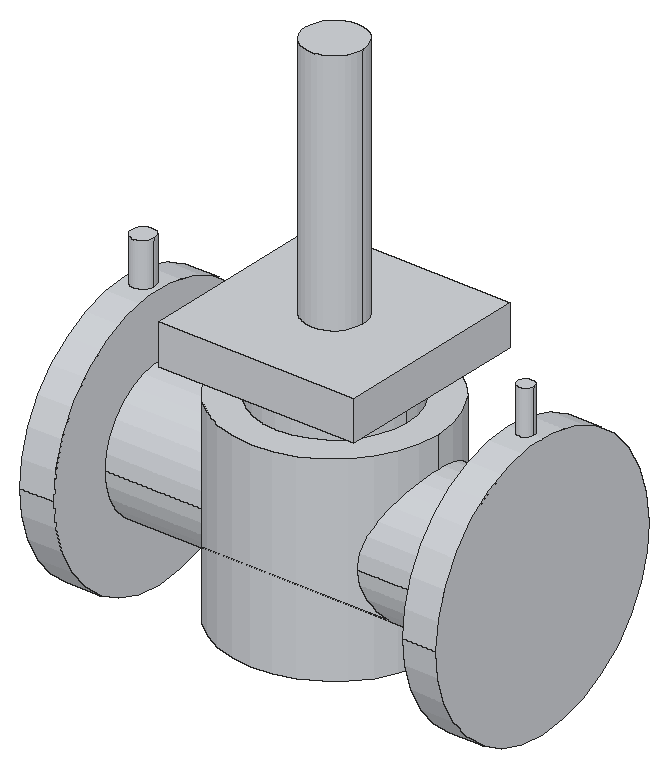
Revit family "OPTIMA_Compact_FLANGE_PN16_DN065-LF_RFA_2019", category Pipe Accessories, Revit 2019
Family settings
  Round Connector Dimension = Use Diameter
  Part Type = Valve - Breaks Into
  Work Plane-Based = No
  Always vertical = Yes
  Cut with Voids When Loaded = No
  Shared = No
Parameters (values of type "Optima Compact Flange PN16 DN065 LF")
  magiProductId = "Frese Optima Flange DN065 LF"
  magiProductFamilyId = "Frese Optima Flange *"
  magiPartTypeId = 304
  isMeasuringValve [instance] = no
  ang2D [instance] = 0.00°
  W2D = 50 mm
  VersionID = "2.0/2018.8.28.1/FRESE_OPTIMA_FLANGE_Q13_002"
  Use Minimum Symbol Size [instance] = yes
  URL = "www.hydronix.cz"
  Type Comments = "Přírubový; PN16; 0~120°C, s měřením"
  R4 = 50.75 mm
  R3 = 48.1 mm
  R1 = 72.5 mm
  QmdConnectorList = "301;D;302;D"
  Productdata [instance] = ""
  Manufacturer = "Hydronix"
  MC Product Code = "53-1201 (DN65 LF; 20mm; pohon min 1000N; Qmin-dpmin 4400l/h-15.0kPa; Qmax-dpmin 25000l/h-25.0kPa; dpmax 800kPa)"
  MC Piping Given Pressure Drop [instance] = 0.0 Pa
  LF__ve = -LF  # -23.2 mm
  LF2 = 11.6 mm
  LF = 23.2 mm
  L4 = 136.3 mm
  L3 = 243.6 mm
  L2D_Min = 3048 mm
  L2D = 230 mm
  L2 = 145 mm
  H6 = 171.25 mm
  H4 = 27.75 mm
  H3 = 23.125 mm
  H2 = 69.375 mm
  H1 = 138.75 mm
  Description = "Tlakově nezávislý 2-cestný regulační vyvažovací ventil (PICV)"
  DF2 = 92.5 mm
  D = 65 mm
  CAT0 = yes
Types (14, lengths in mm): name | magiProductId | magiProductFamilyId | W2D | Type Comments | R4 | R3 | R1 | MC Product Code | LF__ve | LF2 | LF | L4 | L3 | L2D | L2 | H6 | H4 | H3 | H2 | H1 | DF2 | D
  Optima Compact Flange PN16 DN050 LF | "Frese Optima Flange DN050 LF" | "Frese Optima Flange *" | 50 | "Přírubový; PN16; 0~120°C, s měřením" | 40.3 | 42.9 | 57.5 | "53-1200 (DN50 LF; 20mm; pohon min 1000N; Qmin-dpmin 2500l/h-6.5kPa; Qmax-dpmin 15000l/h-20.0kPa; dpmax 800kPa)" | -18.4 | 9.2 | 18.4 | 108.1 | 193.2 | 230 | 115 | 157.3 | 24.8 | 20.6 | 61.9 | 123.8 | 82.5 | 50
  Optima Compact Flange PN16 DN050 HF | "Frese Optima Flange DN050 HF" | "Frese Optima Flange *" | 50 | "Přírubový; PN16; 0~120°C, s měřením" | 40.25 | 42.9 | 57.5 | "53-1210 (DN50 HF; 20mm; pohon min 1000N; Qmin-dpmin 3900l/h-19.0kPa; Qmax-dpmin 24000l/h-50.0kPa; dpmax 800kPa)" | -18.4 | 9.2 | 18.4 | 108.1 | 193.2 | 230 | 115 | 157.25 | 24.75 | 20.625 | 61.875 | 123.75 | 82.5 | 50
  Optima Compact Flange PN16 DN065 LF | "Frese Optima Flange DN065 LF" | "Frese Optima Flange *" | 50 | "Přírubový; PN16; 0~120°C, s měřením" | 50.75 | 48.1 | 72.5 | "53-1201 (DN65 LF; 20mm; pohon min 1000N; Qmin-dpmin 4400l/h-15.0kPa; Qmax-dpmin 25000l/h-25.0kPa; dpmax 800kPa)" | -23.2 | 11.6 | 23.2 | 136.3 | 243.6 | 230 | 145 | 171.25 | 27.75 | 23.125 | 69.375 | 138.75 | 92.5 | 65
  Optima Compact Flange PN16 DN065 HF | "Frese Optima Flange DN065 HF" | "Frese Optima Flange *" | 50 | "Přírubový; PN16; 0~120°C, s měřením" | 50.75 | 48.1 | 72.5 | "53-1211 (DN65 HF; 20mm; pohon min 1000N; Qmin-dpmin 6000l/h-30.0kPa; Qmax-dpmin 35000l/h-55.0kPa; dpmax 800kPa)" | -23.2 | 11.6 | 23.2 | 136.3 | 243.6 | 230 | 145 | 171.25 | 27.75 | 23.125 | 69.375 | 138.75 | 92.5 | 65
  Optima Compact Flange PN16 DN080 LF | "Frese Optima Flange DN080 LF" | "Frese Optima Flange *" | 50 | "Přírubový; PN16; 0~120°C, s měřením" | 54.25 | 52 | 77.5 | "53-1202 (DN80 LF; 20mm; pohon min 1000N; Qmin-dpmin 5300l/h-16.0kPa; Qmax-dpmin 34000l/h-25.0kPa; dpmax 800kPa)" | -24.8 | 12.4 | 24.8 | 145.7 | 260.4 | 230 | 155 | 183 | 30 | 25 | 75 | 150 | 100 | 80
  Optima Compact Flange PN16 DN080 HF | "Frese Optima Flange DN080 HF" | "Frese Optima Flange *" | 50 | "Přírubový; PN16; 0~120°C, s měřením" | 54.25 | 52 | 77.5 | "53-1212 (DN80 HF; 20mm; pohon min 1000N; Qmin-dpmin 7000l/h-23.0kPa; Qmax-dpmin 43000l/h-50.0kPa; dpmax 800kPa)" | -24.8 | 12.4 | 24.8 | 145.7 | 260.4 | 230 | 155 | 183 | 30 | 25 | 75 | 150 | 100 | 80
  Optima Compact Flange PN16 DN100 LF | "Frese Optima Flange DN100 LF" | "Frese Optima Flange *" | 50 | "Přírubový; PN16; 0~120°C, s měřením" | 61.25 | 61.1 | 87.5 | "53-1203 (DN100 LF; 40mm; pohon min 1000N; Qmin-dpmin 12100l/h-20.0kPa; Qmax-dpmin 68000l/h-35.0kPa; dpmax 800kPa)" | -28 | 14 | 28 | 164.5 | 294 | 230 | 175 | 268.75 | 35.25 | 29.375 | 88.125 | 176.25 | 117.5 | 100
  Optima Compact Flange PN16 DN100 HF | "Frese Optima Flange DN100 HF" | "Frese Optima Flange *" | 50 | "Přírubový; PN16; 0~120°C, s měřením" | 61.25 | 61.1 | 87.5 | "53-1213 (DN100 HF; 40mm; pohon min 1000N; Qmin-dpmin 14800l/h-30.0kPa; Qmax-dpmin 90000l/h-75.0kPa; dpmax 800kPa)" | -28 | 14 | 28 | 164.5 | 294 | 230 | 175 | 268.75 | 35.25 | 29.375 | 88.125 | 176.25 | 117.5 | 100
  Optima Compact Flange PN16 DN125 LF | "Frese Optima Flange DN125 LF" | "Frese Optima Flange *" | 50 | "Přírubový; PN16; 0~120°C, s měřením" | 70 | 70.2 | 100 | "53-1204 (DN125 LF; 40mm; pohon min 1000N; Qmin-dpmin 18500l/h-16.0kPa; Qmax-dpmin 110000l/h-35.0kPa; dpmax 800kPa)" | -32 | 16 | 32 | 188 | 336 | 230 | 200 | 275.5 | 40.5 | 33.75 | 101.25 | 202.5 | 135 | 125
  Optima Compact Flange PN16 DN125 HF | "Frese Optima Flange DN125 HF" | "Frese Optima Flange *" | 50 | "Přírubový; PN16; 0~120°C, s měřením" | 70 | 70.2 | 100 | "53-1214 (DN125 HF; 40mm; pohon min 1000N; Qmin-dpmin 23000l/h-27.0kPa; Qmax-dpmin 135000l/h-53.0kPa; dpmax 800kPa)" | -32 | 16 | 32 | 188 | 336 | 230 | 200 | 275.5 | 40.5 | 33.75 | 101.25 | 202.5 | 135 | 125
  Optima Compact Flange PN16 DN150 LF | "Frese Optima Flange DN150 LF" | "Frese Optima Flange *" | 50 | "Přírubový; PN16; 0~110°C, s měřením" | 84 | 74.1 | 120 | "53-1205 (DN150 LF; 43mm; pohon min 1500N; Qmin-dpmin 25600l/h-21.0kPa; Qmax-dpmin 148000l/h-35.0kPa; dpmax 800kPa)" | -38.4 | 19.2 | 38.4 | 225.6 | 403.2 | 230 | 240 | 279.25 | 42.75 | 35.625 | 106.875 | 213.75 | 142.5 | 150
  Optima Compact Flange PN16 DN150 HF | "Frese Optima Flange DN150 HF" | "Frese Optima Flange *" | 50 | "Přírubový; PN16; 0~110°C, s měřením" | 84 | 74.1 | 120 | "53-1215 (DN150 HF; 43mm; pohon min 1500N; Qmin-dpmin 32000l/h-33.0kPa; Qmax-dpmin 195000l/h-65.0kPa; dpmax 800kPa)" | -38.4 | 19.2 | 38.4 | 225.6 | 403.2 | 230 | 240 | 279.25 | 42.75 | 35.625 | 106.875 | 213.75 | 142.5 | 150
  Optima Compact Flange PN16 DN200 LF | "" | "" | 100 | "Přírubový; PN16; 0~110°C, s měřením" | 164.5 | 98.8 | 235 | "53-1206 (DN200 LF; 43mm; pohon min 1500N; Qmin-dpmin 95000l/h-11.0kPa; Qmax-dpmin 210000l/h-32.0kPa; dpmax 800kPa)" | -48 | 24 | 48 | 282 | 504 | 350 | 300 | 281 | 57 | 15 | 209 | 380 | 190 | 200
  Optima Compact Flange PN16 DN200 HF | "" | "" | 100 | "Přírubový; PN16; 0~110°C, s měřením" | 164.5 | 98.8 | 235 | "53-1216 (DN200 HF; 43mm; pohon min 1500N; Qmin-dpmin 130000l/h-31.0kPa; Qmax-dpmin 280000l/h-78.0kPa; dpmax 800kPa)" | -48 | 24 | 48 | 282 | 504 | 350 | 300 | 281 | 57 | 15 | 209 | 380 | 190 | 200
Reference planes
  plane 1 "Center (Front/Back)": y = 0
  plane 2 "XYPLANE": z = 0
  plane 3 "Center (Left/Right)": x = 0
  plane 4 "157": x = 133.4
  plane 5 "156": x = -133.4
  plane 6 "155": z = 92.5
  plane 7 "154": z = 120.25
  plane 8 "153": z = 92.5
  plane 9 "152": z = 69.375
  plane 10 "151": x = -121.8
  plane 11 "150": z = -69.375
  plane 12 "149": x = 0
  plane 13 "148": y = 0
  plane 14 "147": z = 0
  plane 15 "146": x = -145
  plane 16 "145": x = 145
Forms (mm)
  Extrusion 1, solid, visible <- "CAT0"
    sketch origin (-750, 0, 92.5) x (1, 0, 0) y (0, 1, 0)
      loop
        circle (883.4, 0) r 5.5
    from 0 to 30
  Extrusion 2, solid, visible <- "CAT0"
    sketch origin (-750, 0, 92.5) x (1, 0, 0) y (0, 1, 0)
      loop
        circle (616.6, 0) r 7.9
    from 0 to 30
  Extrusion 3, solid, visible <- "CAT0"
    sketch origin (-750, 0, 120.25) x (1, 0, 0) y (0, 1, 0)
      loop
        circle (750, 0) r 20
    from 0 to 171.25 <- "H6"
  Extrusion 4, solid, visible <- "CAT0"
    sketch origin (-750, 0, 92.5) x (1, 0, 0) y (0, 1, 0)
      loop
        line (818.15, 68.15) -> (681.85, 68.15) -> (681.85, -68.15) -> (818.15, -68.15) -> (818.15, 68.15)
    from 0 to 27.75 <- "H4"
  Extrusion 5, solid, visible <- "CAT0"
    sketch origin (-750, 0, 69.375) x (1, 0, 0) y (0, 1, 0)
      loop
        circle (750, 0) r 50.75
    from 0 to 23.125 <- "H3"
  Extrusion 6, solid, visible <- "CAT0"
    sketch origin (-121.8, -750, 0) x (0, 1, 0) y (0, 0, 1)
      loop
        circle (750, 0) r 48.1
    from 0 to 243.6 <- "L3"
  Extrusion 7, solid, visible <- "CAT0"
    sketch origin (-750, 0, -69.375) x (1, 0, 0) y (0, 1, 0)
      loop
        circle (750, 0) r 72.5
    from 0 to 138.75 <- "H1"
  Extrusion 8, solid, visible <- "CAT0"
    sketch origin (-145, -750, 0) x (0, 1, 0) y (0, 0, 1)
      loop
        circle (750, 0) r 92.5
    from 0 to 23.2 <- "LF"
  Extrusion 9, solid, visible <- "CAT0"
    sketch origin (145, -750, 0) x (0, 1, 0) y (0, 0, 1)
      loop
        circle (750, 0) r 92.5
    from 0 to -23.2 <- "LF__ve"
  Extrusion 10, solid, not visible
    sketch origin (-145, -750, 0) x (0, 1, 0) y (0, 0, 1)
      loop
        circle (750, 0) r 10
    from 0 to 10
  Extrusion 11, solid, not visible
    sketch origin (145, -750, 0) x (0, 1, 0) y (0, 0, 1)
      loop
        circle (750, 0) r 10
    from 0 to -10
Lines and regions (mm)
  reference lines, not visible
    curve 1: circle (2, 2, 0) r 1 normal (0, 0, 1)
  reference lines
    curve 2: circle (0, 0, 92.5) r 1 normal (0, 0, 1)
Dimensions and locks
  plane 1 "Center (Front/Back)" to curve 1 = 2 mm
  "LF2": plane 16 "145" to plane 4 "157"
  "LF2": plane 15 "146" to plane 5 "156"
  "DF2": plane 2 "XYPLANE" to plane 6 "155"
  "H4": plane 8 "153" to plane 7 "154"
  "H3": plane 9 "152" to plane 8 "153"
  "H1": plane 11 "150" to plane 9 "152"
  "LF": plane 15 "146" to plane 10 "151"
  "H2": plane 2 "XYPLANE" to plane 11 "150"
  locked: plane 3 "Center (Left/Right)" to plane 12 "149"
  locked: plane 1 "Center (Front/Back)" to plane 13 "148"
  locked: plane 2 "XYPLANE" to plane 14 "147"
  "L2": plane 3 "Center (Left/Right)" to plane 15 "146"
  "L2": plane 3 "Center (Left/Right)" to plane 16 "145"
  equal spacing: Extrusion 4 sketch curve, curve 2, Extrusion 4 sketch curve  (x2)
  "L4": Extrusion 4 sketch curve to Extrusion 4 sketch curve  (x2)
  Extrusion 4 sketch curve to Extrusion 4 sketch curve = 0 mm  (x8)
  "R4": radius of Extrusion 5 sketch curve
  "R3": radius of Extrusion 6 sketch curve
  "R1": radius of Extrusion 7 sketch curve
  "DF2": radius of Extrusion 8 sketch curve
  "DF2": radius of Extrusion 9 sketch curve
  aligned and locked: level to plane 2 "XYPLANE"
  aligned and locked: plane 4 "157" to Extrusion 1 sketch curve
  aligned and locked: plane 13 "148" to Extrusion 1 sketch curve
  aligned and locked: plane 5 "156" to Extrusion 2 sketch curve
  aligned and locked: plane 13 "148" to Extrusion 2 sketch curve
  aligned and locked: plane 12 "149" to Extrusion 3 sketch curve
  aligned and locked: plane 13 "148" to Extrusion 3 sketch curve
  aligned and locked: plane 12 "149" to curve 2
  aligned and locked: plane 13 "148" to curve 2
  aligned and locked: plane 12 "149" to Extrusion 5 sketch curve
  aligned and locked: plane 13 "148" to Extrusion 5 sketch curve
  aligned and locked: Extrusion 6 sketch curve to plane 13 "148"
  aligned and locked: plane 14 "147" to Extrusion 6 sketch curve
  aligned and locked: plane 12 "149" to Extrusion 7 sketch curve
  aligned and locked: plane 13 "148" to Extrusion 7 sketch curve
  aligned and locked: Extrusion 8 sketch curve to plane 13 "148"
  aligned and locked: plane 14 "147" to Extrusion 8 sketch curve
  aligned and locked: Extrusion 9 sketch curve to plane 13 "148"
  aligned and locked: plane 14 "147" to Extrusion 9 sketch curve
  aligned and locked: Extrusion 10 sketch curve to plane 13 "148"
  aligned and locked: plane 14 "147" to Extrusion 10 sketch curve
  aligned and locked: Extrusion 11 sketch curve to plane 13 "148"
  aligned and locked: plane 14 "147" to Extrusion 11 sketch curve
Automatic sketch dimensions
  Extrusion 1 sketch curve to plane 4 "157" = 5.5 mm
  plane 15 "146" to Extrusion 2 sketch curve = 3.7 mm
  Extrusion 3 sketch curve to plane 3 "Center (Left/Right)" = 20 mm
  plane 1 "Center (Front/Back)" to Extrusion 10 sketch curve = 10 mm
  plane 1 "Center (Front/Back)" to Extrusion 11 sketch curve = 10 mm
  plane 3 "Center (Left/Right)" to curve 1 = 2 mm
  plane 10 "151" to Extrusion 4 sketch curve = 53.65 mm
  plane 1 "Center (Front/Back)" to Extrusion 4 sketch curve = 68.15 mm
  radius of curve 2 = 1 mm
  radius of curve 1 = 1 mm
Connectors
  piping at (-145, 0, 0), diameter 65, driven by "D"
    settings: on Extrusion 10, index 1, connector inside diameter 609.6 mm, connector length 0 mm, flow factor 0, pipe flow 0.0 L/s, pressure drop 0.0 Pa, fitting loss kfactor 0, connector angle 0.00°, fixture units 0, engagement length 0 mm, angle of deflection 0.00°, flow configuration 0, flow direction 0, fitting loss method 0, system type 29, joint type 0, gender type 0, connector reference index 2, connector utility 0, adjustable connector no, is connector primary yes, connector description ""
  piping at (145, 0, 0), diameter 65, driven by "D"
    settings: on Extrusion 11, index 2, connector inside diameter 609.6 mm, connector length 0 mm, flow factor 0, pipe flow 0.0 L/s, pressure drop 0.0 Pa, fitting loss kfactor 0, connector angle 0.00°, fixture units 0, engagement length 0 mm, angle of deflection 0.00°, flow configuration 0, flow direction 0, fitting loss method 0, system type 29, joint type 0, gender type 0, connector reference index 1, connector utility 0, adjustable connector no, is connector primary no, connector description ""
